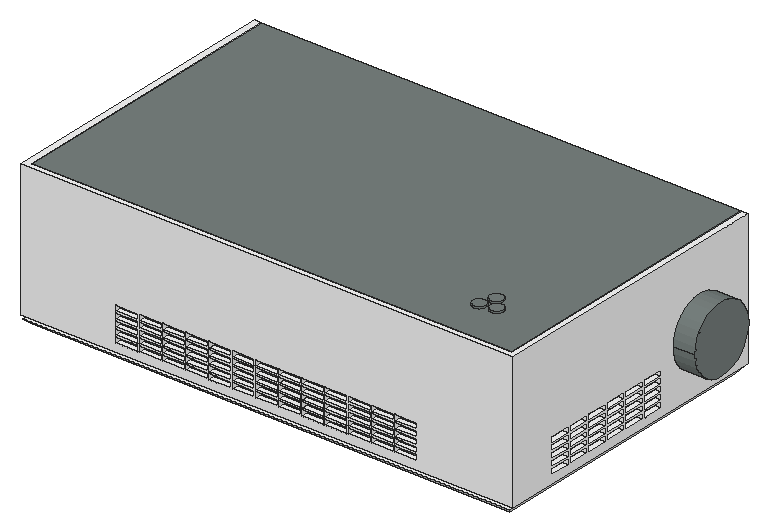
Revit family "AM 300 SHBB", category Mechanical Equipment, Revit 2019
Family settings
  Round Connector Dimension = Use Diameter
  Part Type = Normal
  OmniClass Number = 23.75.00.00
  OmniClass Title = Climate Control (HVAC)
  Work Plane-Based = No
  Always vertical = Yes
  Cut with Voids When Loaded = No
  Shared = No
  Room Calculation Point = No
Parameters
  publication date = "01.05.2023"
  Weight (Standard Unit) = 85  # constant formula
  Water Heating [instance] = yes
  Water Heater Surface Return = 15 mm  # constant formula
  Water Heater Surface IN = 15 mm  # constant formula
  Version number = "1.0"
  URL = "www.airmaster-as.com"
  Total Width = 1180 mm  # constant formula
  Total Hight = 344 mm  # constant formula
  T-C Duct Supply = 187 mm  # constant formula
  T-C Duct Exhaust = 187 mm  # constant formula
  Suply Air In = 160 mm  # constant formula
  R-C Duct Supply = 133 mm  # constant formula
  Phase 1 - Max Power Consumption = "1175 W"
  Phase 1 - Max Current = "7,97 A"
  Nominal current, electrical preheating surface = "4,35 A"
  Nominal current, electrical comfort heating surface = "2,17 A"
  Nominal current, air handling unit = "1,45 A"
  Network Conection = "AWG 24 CAT 5e STP"
  Model = "AM 300 SHBB"
  Max. flow rate 35 dB(A) with ePM10 80% filters = 240.00 m³  # constant formula
  Max. flow rate 35 dB(A) with ePM10 55% filters = 270.00 m³  # constant formula
  Max. flow rate 35 dB(A) with ePM10 50% filters = 275.00 m³  # constant formula
  Max. flow rate 30 dB(A) with ePM10 80% filters = 180.00 m³  # constant formula
  Max. flow rate 30 dB(A) with ePM10 55% filters = 205.00 m³  # constant formula
  Max. flow rate 30 dB(A) with ePM10 50% filters = 210.00 m³  # constant formula
  Manufacturer = "Airmaster A/S"
  Maintenance [instance] = no
  L-C Duct Exhaust = 133 mm  # constant formula
  Exhaust Air = 160 mm  # constant formula
  Total Depth = 703 mm  # constant formula
  Electrical connection = "1 ~ 230 V / N / PE / 50 Hz"
  Drawn By = "LSB"
  Data Sheet = "https://www.airmaster-as.com/media/4938/15583-am300-en-rev-04.pdf"
  Condensate = 6 mm  # constant formula
  BMS Panel = "(PTS) 2x2x0,6"
  BMS Out = "(PTS) 2x2x0,6"
  BMS IN = "(PTS) 2x2x0,6"
  Airlow area [instance] = no
Reference planes
  plane 1 "Center (Front/Back)": y = 0
  plane 2: z = 0
  plane 3 "Center (Left/Right)": x = 0
  plane 4 "Center L/S": y = -703
  plane 5 "Center L/T": x = -590
  plane 6 "Center L/U": x = 590
  plane 7 "TOP": z = 344
  plane 8 "Center L/V": x = -575
  plane 9 "Center L/W": y = -688
  plane 10 "Center L/X": x = 575
  plane 11 "Panel Buttom": z = 20.747
  plane 12 "Panel Top": z = 330.347
  plane 13 "Hatch": z = 14.5
Forms (mm)
  Extrusion 1, solid, material "AM Grey"
    sketch origin (0, 0, 0) x (1, 0, 0) y (0, 1, 0)
      loop
        line (-575, 0) -> (-575, -688) -> (575, -688) -> (575, 0) -> (-575, 0)
    from 14.5 to 344
  Extrusion 2, solid, material "AM White"
    sketch origin (794.5, -1524, 20.747) x (0, -1, 0) y (-1, 0, 0)
      loop
        line (-1524, 1384.5) -> (-1524, 1369.5) -> (-836, 1369.5) -> (-836, 219.5) -> (-1524, 219.5) -> (-1524, 204.5) -> (-821, 204.5) -> (-821, 1384.5) -> (-1524, 1384.5)
    from 0 to -323.253
  Blend 3, solid, material "AM White"
    base sketch origin (-790.646, -1524, 14.5) x (0, -1, 0) y (1, 0, 0)
      loop
        line (-821, 207.613) -> (-821, 1373.657) -> (-1524, 1373.657) -> (-1524, 207.613) -> (-821, 207.613)
    top sketch origin (-790.646, -1524, 14.5) x (0, -1, 0) y (1, 0, 0)
      loop
        line (-836, 218.963) -> (-836, 1362.646) -> (-1509.161, 1362.646) -> (-1509.161, 218.963) -> (-836, 218.963)
    from 0 to -14.5
  Extrusion 4, solid, material "AM Grey"
    sketch origin (-575, 0, 0) x (1, 0, 0) y (0, 0, -1)
      loop
        circle (118, -157) r 80
    from 0 to 18.45
  Extrusion 5, solid, material "Maintenece", visible <- "Maintenance"
    sketch origin (-790.646, -1524, 0) x (1, 0, 0) y (0, -1, 0)
      loop
        line (200.646, -1524) -> (1380.646, -1524) -> (1380.646, -821) -> (200.646, -821) -> (200.646, -1524)
    from 0 to 1200
  Extrusion 6, solid, material "Maintenece", visible <- "Airlow area"
    sketch origin (590, 0, 24.45) x (0, -1, 0) y (0, 0, -1)
      loop
        line (0, -98.297) -> (703, -98.297) -> (703, 21) -> (0, 21) -> (0, -98.297)
    from 0 to 500
  Extrusion 7, solid, material "AM Grey"
    sketch origin (0, 0, 344) x (1, 0, 0) y (0, 1, 0)
      loop
        circle (428.027, -549.273) r 15.55
    from 0 to 3
  Extrusion 8, solid, material "AM Grey"
    sketch origin (0, 0, 344) x (1, 0, 0) y (0, 1, 0)
      loop
        circle (452.132, -578.023) r 15.55
    from 0 to 3
  Extrusion 9, solid, material "AM Grey"
    sketch origin (0, 0, 344) x (1, 0, 0) y (0, 1, 0)
      loop
        circle (415.201, -584.535) r 15.55
    from 0 to 3
  Extrusion 10, void
    sketch origin (590, -703, 24.45) x (1, 0, 0) y (0, 0, -1)
      loop
        line (-950, -98.297) -> (-897.385, -98.297) -> (-897.385, -84.297) -> (-950, -84.297) -> (-950, -98.297)
      loop
        line (-950, -81.297) -> (-897.385, -81.297) -> (-897.385, -67.297) -> (-950, -67.297) -> (-950, -81.297)
      loop
        line (-950, -64.297) -> (-897.385, -64.297) -> (-897.385, -50.297) -> (-950, -50.297) -> (-950, -64.297)
      loop
        line (-950, -47.297) -> (-897.385, -47.297) -> (-897.385, -33.297) -> (-950, -33.297) -> (-950, -47.297)
      loop
        line (-950, -30.297) -> (-897.385, -30.297) -> (-897.385, -16.297) -> (-950, -16.297) -> (-950, -30.297)
      loop
        line (-894.385, -98.297) -> (-841.769, -98.297) -> (-841.769, -84.297) -> (-894.385, -84.297) -> (-894.385, -98.297)
      loop
        line (-894.385, -81.297) -> (-841.769, -81.297) -> (-841.769, -67.297) -> (-894.385, -67.297) -> (-894.385, -81.297)
      loop
        line (-894.385, -64.297) -> (-841.769, -64.297) -> (-841.769, -50.297) -> (-894.385, -50.297) -> (-894.385, -64.297)
      loop
        line (-894.385, -47.297) -> (-841.769, -47.297) -> (-841.769, -33.297) -> (-894.385, -33.297) -> (-894.385, -47.297)
      loop
        line (-894.385, -30.297) -> (-841.769, -30.297) -> (-841.769, -16.297) -> (-894.385, -16.297) -> (-894.385, -30.297)
      loop
        line (-838.769, -98.297) -> (-786.154, -98.297) -> (-786.154, -84.297) -> (-838.769, -84.297) -> (-838.769, -98.297)
      loop
        line (-838.769, -81.297) -> (-786.154, -81.297) -> (-786.154, -67.297) -> (-838.769, -67.297) -> (-838.769, -81.297)
      loop
        line (-838.769, -64.297) -> (-786.154, -64.297) -> (-786.154, -50.297) -> (-838.769, -50.297) -> (-838.769, -64.297)
      loop
        line (-838.769, -47.297) -> (-786.154, -47.297) -> (-786.154, -33.297) -> (-838.769, -33.297) -> (-838.769, -47.297)
      loop
        line (-838.769, -30.297) -> (-786.154, -30.297) -> (-786.154, -16.297) -> (-838.769, -16.297) -> (-838.769, -30.297)
      loop
        line (-783.154, -98.297) -> (-730.538, -98.297) -> (-730.538, -84.297) -> (-783.154, -84.297) -> (-783.154, -98.297)
      loop
        line (-783.154, -81.297) -> (-730.538, -81.297) -> (-730.538, -67.297) -> (-783.154, -67.297) -> (-783.154, -81.297)
      loop
        line (-783.154, -64.297) -> (-730.538, -64.297) -> (-730.538, -50.297) -> (-783.154, -50.297) -> (-783.154, -64.297)
      loop
        line (-783.154, -47.297) -> (-730.538, -47.297) -> (-730.538, -33.297) -> (-783.154, -33.297) -> (-783.154, -47.297)
      loop
        line (-783.154, -30.297) -> (-730.538, -30.297) -> (-730.538, -16.297) -> (-783.154, -16.297) -> (-783.154, -30.297)
      loop
        line (-727.538, -98.297) -> (-674.923, -98.297) -> (-674.923, -84.297) -> (-727.538, -84.297) -> (-727.538, -98.297)
      loop
        line (-727.538, -81.297) -> (-674.923, -81.297) -> (-674.923, -67.297) -> (-727.538, -67.297) -> (-727.538, -81.297)
      loop
        line (-727.538, -64.297) -> (-674.923, -64.297) -> (-674.923, -50.297) -> (-727.538, -50.297) -> (-727.538, -64.297)
      loop
        line (-727.538, -47.297) -> (-674.923, -47.297) -> (-674.923, -33.297) -> (-727.538, -33.297) -> (-727.538, -47.297)
      loop
        line (-727.538, -30.297) -> (-674.923, -30.297) -> (-674.923, -16.297) -> (-727.538, -16.297) -> (-727.538, -30.297)
      loop
        line (-671.923, -98.297) -> (-619.308, -98.297) -> (-619.308, -84.297) -> (-671.923, -84.297) -> (-671.923, -98.297)
      loop
        line (-671.923, -81.297) -> (-619.308, -81.297) -> (-619.308, -67.297) -> (-671.923, -67.297) -> (-671.923, -81.297)
      loop
        line (-671.923, -64.297) -> (-619.308, -64.297) -> (-619.308, -50.297) -> (-671.923, -50.297) -> (-671.923, -64.297)
      loop
        line (-671.923, -47.297) -> (-619.308, -47.297) -> (-619.308, -33.297) -> (-671.923, -33.297) -> (-671.923, -47.297)
      loop
        line (-671.923, -30.297) -> (-619.308, -30.297) -> (-619.308, -16.297) -> (-671.923, -16.297) -> (-671.923, -30.297)
      loop
        line (-616.308, -98.297) -> (-563.692, -98.297) -> (-563.692, -84.297) -> (-616.308, -84.297) -> (-616.308, -98.297)
      loop
        line (-616.308, -81.297) -> (-563.692, -81.297) -> (-563.692, -67.297) -> (-616.308, -67.297) -> (-616.308, -81.297)
      loop
        line (-616.308, -64.297) -> (-563.692, -64.297) -> (-563.692, -50.297) -> (-616.308, -50.297) -> (-616.308, -64.297)
      loop
        line (-616.308, -47.297) -> (-563.692, -47.297) -> (-563.692, -33.297) -> (-616.308, -33.297) -> (-616.308, -47.297)
      loop
        line (-616.308, -30.297) -> (-563.692, -30.297) -> (-563.692, -16.297) -> (-616.308, -16.297) -> (-616.308, -30.297)
      loop
        line (-560.692, -98.297) -> (-508.077, -98.297) -> (-508.077, -84.297) -> (-560.692, -84.297) -> (-560.692, -98.297)
      loop
        line (-560.692, -81.297) -> (-508.077, -81.297) -> (-508.077, -67.297) -> (-560.692, -67.297) -> (-560.692, -81.297)
      loop
        line (-560.692, -64.297) -> (-508.077, -64.297) -> (-508.077, -50.297) -> (-560.692, -50.297) -> (-560.692, -64.297)
      loop
        line (-560.692, -47.297) -> (-508.077, -47.297) -> (-508.077, -33.297) -> (-560.692, -33.297) -> (-560.692, -47.297)
      loop
        line (-560.692, -30.297) -> (-508.077, -30.297) -> (-508.077, -16.297) -> (-560.692, -16.297) -> (-560.692, -30.297)
      loop
        line (-505.077, -98.297) -> (-452.462, -98.297) -> (-452.462, -84.297) -> (-505.077, -84.297) -> (-505.077, -98.297)
      loop
        line (-505.077, -81.297) -> (-452.462, -81.297) -> (-452.462, -67.297) -> (-505.077, -67.297) -> (-505.077, -81.297)
      loop
        line (-505.077, -64.297) -> (-452.462, -64.297) -> (-452.462, -50.297) -> (-505.077, -50.297) -> (-505.077, -64.297)
      loop
        line (-505.077, -47.297) -> (-452.462, -47.297) -> (-452.462, -33.297) -> (-505.077, -33.297) -> (-505.077, -47.297)
      loop
        line (-505.077, -30.297) -> (-452.462, -30.297) -> (-452.462, -16.297) -> (-505.077, -16.297) -> (-505.077, -30.297)
      loop
        line (-449.462, -98.297) -> (-396.846, -98.297) -> (-396.846, -84.297) -> (-449.462, -84.297) -> (-449.462, -98.297)
      loop
        line (-449.462, -81.297) -> (-396.846, -81.297) -> (-396.846, -67.297) -> (-449.462, -67.297) -> (-449.462, -81.297)
      loop
        line (-449.462, -64.297) -> (-396.846, -64.297) -> (-396.846, -50.297) -> (-449.462, -50.297) -> (-449.462, -64.297)
      loop
        line (-449.462, -47.297) -> (-396.846, -47.297) -> (-396.846, -33.297) -> (-449.462, -33.297) -> (-449.462, -47.297)
      loop
        line (-449.462, -30.297) -> (-396.846, -30.297) -> (-396.846, -16.297) -> (-449.462, -16.297) -> (-449.462, -30.297)
      loop
        line (-393.846, -98.297) -> (-341.231, -98.297) -> (-341.231, -84.297) -> (-393.846, -84.297) -> (-393.846, -98.297)
      loop
        line (-393.846, -81.297) -> (-341.231, -81.297) -> (-341.231, -67.297) -> (-393.846, -67.297) -> (-393.846, -81.297)
      loop
        line (-393.846, -64.297) -> (-341.231, -64.297) -> (-341.231, -50.297) -> (-393.846, -50.297) -> (-393.846, -64.297)
      loop
        line (-393.846, -47.297) -> (-341.231, -47.297) -> (-341.231, -33.297) -> (-393.846, -33.297) -> (-393.846, -47.297)
      loop
        line (-393.846, -30.297) -> (-341.231, -30.297) -> (-341.231, -16.297) -> (-393.846, -16.297) -> (-393.846, -30.297)
      loop
        line (-338.231, -98.297) -> (-285.615, -98.297) -> (-285.615, -84.297) -> (-338.231, -84.297) -> (-338.231, -98.297)
      loop
        line (-338.231, -81.297) -> (-285.615, -81.297) -> (-285.615, -67.297) -> (-338.231, -67.297) -> (-338.231, -81.297)
      loop
        line (-338.231, -64.297) -> (-285.615, -64.297) -> (-285.615, -50.297) -> (-338.231, -50.297) -> (-338.231, -64.297)
      loop
        line (-338.231, -47.297) -> (-285.615, -47.297) -> (-285.615, -33.297) -> (-338.231, -33.297) -> (-338.231, -47.297)
      loop
        line (-338.231, -30.297) -> (-285.615, -30.297) -> (-285.615, -16.297) -> (-338.231, -16.297) -> (-338.231, -30.297)
      loop
        line (-282.615, -98.297) -> (-230, -98.297) -> (-230, -84.297) -> (-282.615, -84.297) -> (-282.615, -98.297)
      loop
        line (-282.615, -81.297) -> (-230, -81.297) -> (-230, -67.297) -> (-282.615, -67.297) -> (-282.615, -81.297)
      loop
        line (-282.615, -64.297) -> (-230, -64.297) -> (-230, -50.297) -> (-282.615, -50.297) -> (-282.615, -64.297)
      loop
        line (-282.615, -47.297) -> (-230, -47.297) -> (-230, -33.297) -> (-282.615, -33.297) -> (-282.615, -47.297)
      loop
        line (-282.615, -30.297) -> (-230, -30.297) -> (-230, -16.297) -> (-282.615, -16.297) -> (-282.615, -30.297)
    from 0 to 15
  Extrusion 11, void
    sketch origin (590, 0, 25.035) x (0, 1, 0) y (0, 0, -1)
      loop
        line (-588.9, -97.712) -> (-536.417, -97.712) -> (-536.417, -83.712) -> (-588.9, -83.712) -> (-588.9, -97.712)
      loop
        line (-588.9, -80.712) -> (-536.417, -80.712) -> (-536.417, -66.712) -> (-588.9, -66.712) -> (-588.9, -80.712)
      loop
        line (-588.9, -63.712) -> (-536.417, -63.712) -> (-536.417, -49.712) -> (-588.9, -49.712) -> (-588.9, -63.712)
      loop
        line (-588.9, -46.712) -> (-536.417, -46.712) -> (-536.417, -32.712) -> (-588.9, -32.712) -> (-588.9, -46.712)
      loop
        line (-588.9, -29.712) -> (-536.417, -29.712) -> (-536.417, -15.712) -> (-588.9, -15.712) -> (-588.9, -29.712)
      loop
        line (-533.417, -97.712) -> (-480.933, -97.712) -> (-480.933, -83.712) -> (-533.417, -83.712) -> (-533.417, -97.712)
      loop
        line (-533.417, -80.712) -> (-480.933, -80.712) -> (-480.933, -66.712) -> (-533.417, -66.712) -> (-533.417, -80.712)
      loop
        line (-533.417, -63.712) -> (-480.933, -63.712) -> (-480.933, -49.712) -> (-533.417, -49.712) -> (-533.417, -63.712)
      loop
        line (-533.417, -46.712) -> (-480.933, -46.712) -> (-480.933, -32.712) -> (-533.417, -32.712) -> (-533.417, -46.712)
      loop
        line (-533.417, -29.712) -> (-480.933, -29.712) -> (-480.933, -15.712) -> (-533.417, -15.712) -> (-533.417, -29.712)
      loop
        line (-477.933, -97.712) -> (-425.45, -97.712) -> (-425.45, -83.712) -> (-477.933, -83.712) -> (-477.933, -97.712)
      loop
        line (-477.933, -80.712) -> (-425.45, -80.712) -> (-425.45, -66.712) -> (-477.933, -66.712) -> (-477.933, -80.712)
      loop
        line (-477.933, -63.712) -> (-425.45, -63.712) -> (-425.45, -49.712) -> (-477.933, -49.712) -> (-477.933, -63.712)
      loop
        line (-477.933, -46.712) -> (-425.45, -46.712) -> (-425.45, -32.712) -> (-477.933, -32.712) -> (-477.933, -46.712)
      loop
        line (-477.933, -29.712) -> (-425.45, -29.712) -> (-425.45, -15.712) -> (-477.933, -15.712) -> (-477.933, -29.712)
      loop
        line (-422.45, -97.712) -> (-369.967, -97.712) -> (-369.967, -83.712) -> (-422.45, -83.712) -> (-422.45, -97.712)
      loop
        line (-422.45, -80.712) -> (-369.967, -80.712) -> (-369.967, -66.712) -> (-422.45, -66.712) -> (-422.45, -80.712)
      loop
        line (-422.45, -63.712) -> (-369.967, -63.712) -> (-369.967, -49.712) -> (-422.45, -49.712) -> (-422.45, -63.712)
      loop
        line (-422.45, -46.712) -> (-369.967, -46.712) -> (-369.967, -32.712) -> (-422.45, -32.712) -> (-422.45, -46.712)
      loop
        line (-422.45, -29.712) -> (-369.967, -29.712) -> (-369.967, -15.712) -> (-422.45, -15.712) -> (-422.45, -29.712)
      loop
        line (-366.967, -97.712) -> (-314.483, -97.712) -> (-314.483, -83.712) -> (-366.967, -83.712) -> (-366.967, -97.712)
      loop
        line (-366.967, -80.712) -> (-314.483, -80.712) -> (-314.483, -66.712) -> (-366.967, -66.712) -> (-366.967, -80.712)
      loop
        line (-366.967, -63.712) -> (-314.483, -63.712) -> (-314.483, -49.712) -> (-366.967, -49.712) -> (-366.967, -63.712)
      loop
        line (-366.967, -46.712) -> (-314.483, -46.712) -> (-314.483, -32.712) -> (-366.967, -32.712) -> (-366.967, -46.712)
      loop
        line (-366.967, -29.712) -> (-314.483, -29.712) -> (-314.483, -15.712) -> (-366.967, -15.712) -> (-366.967, -29.712)
      loop
        line (-311.483, -97.712) -> (-259, -97.712) -> (-259, -83.712) -> (-311.483, -83.712) -> (-311.483, -97.712)
      loop
        line (-311.483, -80.712) -> (-259, -80.712) -> (-259, -66.712) -> (-311.483, -66.712) -> (-311.483, -80.712)
      loop
        line (-311.483, -63.712) -> (-259, -63.712) -> (-259, -49.712) -> (-311.483, -49.712) -> (-311.483, -63.712)
      loop
        line (-311.483, -46.712) -> (-259, -46.712) -> (-259, -32.712) -> (-311.483, -32.712) -> (-311.483, -46.712)
      loop
        line (-311.483, -29.712) -> (-259, -29.712) -> (-259, -15.712) -> (-311.483, -15.712) -> (-311.483, -29.712)
    from 0 to 15
  Extrusion 12, solid, material "AM Grey", visible <- "Water Heating"
    sketch origin (-575, -688, 0) x (0, 1, 0) y (0, 0, -1)
      loop
        circle (325.216, -242.139) r 15.55
    from 0 to 36
  Extrusion 13, solid, material "AM Grey", visible <- "Water Heating"
    sketch origin (-575, -836.92, 39.903) x (0, 1, 0) y (0, 0, -1)
      loop
        circle (325.216, -242.139) r 15.55
    from 0 to 36
  Extrusion 14, solid, material "AM Grey"
    sketch origin (590, 0, 20.747) x (0, -1, 0) y (0, 0, -1)
      loop
        circle (145, -136.253) r 80
    from 0 to 54
Cuts and joins
  Extrusion 10, Extrusion 11 cuts Extrusion 1
  Extrusion 10, Extrusion 11 cuts Extrusion 2
  Extrusion 11 cuts Extrusion 6
Dimensions and locks
  "Total Depth": plane 4 "Center L/S" to plane 1 "Center (Front/Back)"
  equal spacing: plane 5 "Center L/T", plane 3 "Center (Left/Right)", plane 6 "Center L/U"
  "Total Width": plane 5 "Center L/T" to plane 6 "Center L/U"
  "Total Hight": plane 7 "TOP" to level
  locked: plane 10 "Center L/X" to plane 6 "Center L/U" at 15
  locked: plane 4 "Center L/S" to plane 9 "Center L/W" at 15
  locked: plane 5 "Center L/T" to plane 8 "Center L/V" at 15
  Extrusion 1 to Blend 3 sketch curve = 14.839 mm
  plane 7 "TOP" to Extrusion 14 sketch curve = 187 mm
  Extrusion 14 sketch curve to cut or joined group of Extrusion 6, Extrusion 11 = 145 mm
  Extrusion 4 sketch curve to plane 5 "Center L/T" = 133 mm
  aligned and locked: level to plane 2
  aligned and locked: plane 1 "Center (Front/Back)" to Extrusion 1 sketch curve
  aligned and locked: plane 8 "Center L/V" to Extrusion 1 sketch curve
  aligned and locked: Extrusion 1 sketch curve to plane 9 "Center L/W"
  aligned and locked: Extrusion 1 sketch curve to plane 10 "Center L/X"
  aligned and locked: plane 7 "TOP" to Extrusion 1
  aligned and locked: plane 5 "Center L/T" to Extrusion 2 sketch curve
  aligned and locked: plane 4 "Center L/S" to Extrusion 2 sketch curve
  aligned and locked: plane 6 "Center L/U" to Extrusion 2 sketch curve
  aligned and locked: Extrusion 2 sketch curve to Extrusion 1  (x3)
  aligned and locked: plane 1 "Center (Front/Back)" to Extrusion 2 sketch curve
  aligned and locked: Blend 3 to plane 2
  aligned and locked: plane 13 "Hatch" to Extrusion 1
Automatic sketch dimensions
  plane 1 "Center (Front/Back)" to Extrusion 2 sketch curve = 0 mm
  plane 1 "Center (Front/Back)" to Blend 3 sketch curve = 0 mm
  plane 4 "Center L/S" to Blend 3 sketch curve = 0 mm
  plane 5 "Center L/T" to Blend 3 sketch curve = 6.967 mm
  Blend 3 sketch curve to plane 6 "Center L/U" = 6.989 mm
  plane 9 "Center L/W" to Blend 3 sketch curve = 0 mm
  plane 8 "Center L/V" to Blend 3 sketch curve = 3.316 mm
  Blend 3 sketch curve to plane 10 "Center L/X" = 3 mm
  Extrusion 5 sketch curve to Blend 3 = 18.316 mm
  Extrusion 5 sketch curve to Blend 3 = 18 mm
  Extrusion 5 sketch curve to Blend 3 = 15 mm
  Extrusion 5 sketch curve to Blend 3 = 14.839 mm
  Extrusion 6 sketch curve to plane 1 "Center (Front/Back)" = 0 mm
  Extrusion 6 sketch curve to plane 4 "Center L/S" = 0 mm
  Extrusion 6 sketch curve to plane 11 "Panel Buttom" = 102 mm
  level to Extrusion 6 sketch curve = 3.45 mm
  Extrusion 7 sketch curve to Extrusion 1 = 146.973 mm
  Extrusion 7 sketch curve to Extrusion 1 = 138.727 mm
  Extrusion 8 sketch curve to Extrusion 1 = 122.868 mm
  Extrusion 8 sketch curve to Extrusion 1 = 109.977 mm
  Extrusion 9 sketch curve to Extrusion 1 = 159.799 mm
  Extrusion 9 sketch curve to Extrusion 1 = 103.465 mm
  Extrusion 10 sketch curve to Extrusion 2 = 102 mm  (x2)
  Extrusion 10 sketch curve to Extrusion 2 = 230 mm
  Extrusion 10 sketch curve to Extrusion 2 = 20 mm
  Extrusion 10 sketch curve to Extrusion 10 sketch curve = 0 mm  (x115)
  Extrusion 10 sketch curve to Extrusion 10 sketch curve = 52.615 mm  (x13)
  Extrusion 10 sketch curve to Extrusion 10 sketch curve = 3 mm  (x88)
  Extrusion 10 sketch curve to Extrusion 10 sketch curve = 14 mm  (x40)
  Extrusion 2 to Extrusion 11 sketch curve = 114.1 mm
  Extrusion 11 sketch curve to Extrusion 11 sketch curve = 0 mm  (x59)
  Extrusion 11 sketch curve to Extrusion 11 sketch curve = 52.483 mm  (x6)
  Extrusion 11 sketch curve to Extrusion 11 sketch curve = 3 mm  (x38)
  Extrusion 11 sketch curve to Extrusion 2 = 102 mm  (x2)
  Extrusion 11 sketch curve to Extrusion 11 sketch curve = 14 mm  (x14)
  Extrusion 1 to Extrusion 12 sketch curve = 101.861 mm
  Extrusion 12 sketch curve to Extrusion 1 = 325.216 mm
  Extrusion 1 to Extrusion 13 sketch curve = 61.958 mm
  Extrusion 13 sketch curve to Extrusion 1 = 176.296 mm
  Extrusion 1 to Extrusion 4 sketch curve = 142.5 mm
  radius of Extrusion 7 sketch curve = 15.55 mm
  radius of Extrusion 8 sketch curve = 15.55 mm
  radius of Extrusion 9 sketch curve = 15.55 mm
  radius of Extrusion 12 sketch curve = 15.55 mm
  radius of Extrusion 13 sketch curve = 15.55 mm
  radius of Extrusion 14 sketch curve = 80 mm
  radius of Extrusion 4 sketch curve = 80 mm
Nested families
  nested 1: "Model Label 2019" at (0, -361.924, 0), Label <- "Model", type "Model Label 2019"
    with Label "AM 300 SHBB"
  nested 2: "Pil Indtag" at (1100, -364, 0) x (-1, 0, 0) z (0, 0, 1), type "Pil Indtag"
    with dX_ 609 mm, dX 609 mm, ang2D 0.00°
  nested 3: "indblæssymbol" at (0, -803, 0) x (0, -1, 0) z (0, 0, 1), type "indblæssymbol"
    with dX_ 609 mm, dX 609 mm, ang2D 0.00°
Connectors
  electrical at (428.027, -549.273, 344)
    settings: on Extrusion 7, index 13, voltage 230 V, apparent load 0 VA, apparent load phase1 0 VA, apparent load phase2 0 VA, apparent load phase3 0 VA, power factor 0.55, load classification "Other", number of poles 1, system type 30, power factor state 1, is connector primary yes, connector utility no, sub classification motor no, connector description ""
  electrical at (452.132, -578.023, 344), driven by "BMS Out"
    settings: on Extrusion 8, index 14, voltage 0 V, apparent load 0 VA, apparent load phase1 0 VA, apparent load phase2 0 VA, apparent load phase3 0 VA, power factor 1, load classification "Other", number of poles 1, system type 5, power factor state 1, is connector primary no, connector utility no, sub classification motor no, connector description "(PTS) 2x2x0,6"
  electrical at (415.201, -584.535, 344), driven by "BMS IN"
    settings: on Extrusion 9, index 15, voltage 0 V, apparent load 0 VA, apparent load phase1 0 VA, apparent load phase2 0 VA, apparent load phase3 0 VA, power factor 1, load classification "Other", number of poles 1, system type 5, power factor state 1, is connector primary no, connector utility no, sub classification motor no, connector description "(PTS) 2x2x0,6"
  piping at (-611, -362.784, 242.139), diameter 15, driven by "Water Heater Surface IN"
    settings: on Extrusion 12, index 16, connector inside diameter 609.6 mm, connector length 0 mm, flow factor 0, pipe flow 0.0 L/s, pressure drop 0.0 Pa, fitting loss kfactor 0, connector angle 0.00°, fixture units 0, engagement length 0 mm, angle of deflection 0.00°, flow configuration 0, flow direction 1, fitting loss method 0, system type 19, joint type 0, gender type 0, connector reference index -1, connector utility 0, adjustable connector no, is connector primary yes, connector description ""
  piping at (-611, -511.704, 282.042), diameter 15, driven by "Water Heater Surface IN"
    settings: on Extrusion 13, index 17, connector inside diameter 609.6 mm, connector length 0 mm, flow factor 0, pipe flow 0.0 L/s, pressure drop 0.0 Pa, fitting loss kfactor 0, connector angle 0.00°, fixture units 0, engagement length 0 mm, angle of deflection 0.00°, flow configuration 0, flow direction 2, fitting loss method 0, system type 19, joint type 0, gender type 0, connector reference index -1, connector utility 0, adjustable connector no, is connector primary no, connector description ""
  hvac at (-457, 0, 157), driven by "Suply Air In"
    settings: on Extrusion 4, index 19, duct flow 0.0 L/s, flow factor 0, pres drop 0.0 Pa, loss coef 0, conn angle 0.00°, conn width 304.8 mm, conn height 304.8 mm, conn diameter 160 mm, duct sys type 1, conn prof type 0, flow config 0, flow direction 1, loss method 0, conn ref index -1, conn util no, is conn primary yes, conn desc ""
  hvac at (590, -145, 157), driven by "Suply Air In"
    settings: on Extrusion 14, index 20, duct flow 0.0 L/s, flow factor 0, pres drop 0.0 Pa, loss coef 0, conn angle 0.00°, conn width 304.8 mm, conn height 304.8 mm, conn diameter 160 mm, duct sys type 3, conn prof type 0, flow config 0, flow direction 1, loss method 0, conn ref index -1, conn util no, is conn primary no, conn desc ""
Definition of nested family "Model Label 2019"
  Parameters (values of type "Model Label 2019")
    Label [instance] = ""
  Reference planes
    plane 1: y = 0
    plane 2: x = 0
  Text (mm)
    label "Label" at (-0.131, 0.049, 0), shows "Label"
Definition of nested family "Pil Indtag"
  Parameters (values of type "Pil Indtag")
    dX_ [instance] = if(dX = 0 mm, 1 mm, dX)  # 609 mm
    dX [instance] = 609 mm
    ang2D [instance] = 0.00°
    Type Comments = "DO NOT CHANGE dX value from 608 mm ( 2 ft )"
    Afstand pil = 50 mm
  Reference planes
    plane 1 "Center (Front/Back)": y = 0
    plane 2: z = 0
    plane 3 "Center (Left/Right)": x = 0
    plane 4: x = 500
  Lines and regions (mm)
    Filled region 1, type "Concrete", in view "Ref. Level"
      outline origin (0, 0, 0) x (1, 0, 0) y (0, 1, 0)
        loop
          line (499.552, 0) -> (401.072, 17.365) -> (401.072, -17.365) -> (499.552, 0)
    reference lines, in view "Ref. Level"
      curve 1: line (50, 134.129, 0) -> (50, -145.871, 0)
    detail lines, in view "Ref. Level", not visible
      curve 2: arc (335, 0, 0) -> (385.559, -50.321, 0) -> (434.999, 1.101, 0) r 50.01
      curve 3: arc (335, 0, 0) -> (285.666, 52.633, 0) -> (235.069, 1.212, 0) r 50.01
      curve 4: line (434.999, 1.101, 0) -> (434.999, 21.156, 0)
      curve 5: line (235.069, 1.212, 0) -> (235.069, -18.844, 0)
    detail lines, in view "Ref. Level"
      curve 6: arc (225.332, 0, 0) -> (272.332, -35.211, 0) -> (294.114, 19.326, 0) r 36.995
      curve 7: arc (225.206, 0, 0) -> (173.868, 30.307, 0) -> (156.85, -26.829, 0) r 37.835
      curve 8: line (499.552, 0, 0) -> (401.072, 17.365, 0)
      curve 9: line (401.072, 17.365, 0) -> (401.072, -17.365, 0)
      curve 10: line (401.072, -17.365, 0) -> (499.552, 0, 0)
      curve 11: line (499.552, 0, 0) -> (-15.448, 0, 0)
  Dimensions and locks
    "Afstand pil": plane 3 "Center (Left/Right)" to curve 1
    plane 3 "Center (Left/Right)" to plane 4 = 500 mm
  Automatic sketch dimensions
    plane 1 "Center (Front/Back)" to Filled region 1 sketch curve = 0 mm
    Filled region 1 sketch curve to plane 4 = 0.448 mm
    plane 1 "Center (Front/Back)" to Filled region 1 sketch curve = 17.365 mm
    Filled region 1 sketch curve to plane 4 = 98.928 mm
    Filled region 1 sketch curve to plane 1 "Center (Front/Back)" = 17.365 mm
    plane 1 "Center (Front/Back)" to curve 11 = 0 mm
    plane 1 "Center (Front/Back)" to curve 7 = 4.913 mm
    plane 3 "Center (Left/Right)" to curve 7 = 187.691 mm
    curve 6 to plane 1 "Center (Front/Back)" = 0.405 mm
    curve 7 to curve 6 = 74.634 mm
    curve 9 to plane 1 "Center (Front/Back)" = 17.365 mm
    curve 9 to plane 4 = 98.928 mm
    curve 11 to plane 4 = 0.448 mm
    plane 1 "Center (Front/Back)" to curve 10 = 17.365 mm
    curve 7 to curve 7 = 30.842 mm
    curve 11 to plane 3 "Center (Left/Right)" = 15.448 mm
    curve 7 to curve 6 = 37.119 mm
    curve 7 to curve 6 = 0.126 mm
    curve 6 to plane 1 "Center (Front/Back)" = 19.326 mm
    plane 1 "Center (Front/Back)" to curve 1 = 145.871 mm
    curve 1 to plane 1 "Center (Front/Back)" = 134.129 mm
Definition of nested family "indblæssymbol"
  Parameters (values of type "indblæssymbol")
    dX_ [instance] = if(dX = 0 mm, 1 mm, dX)  # 609 mm
    dX [instance] = 609 mm
    ang2D [instance] = 0.00°
    Type Comments = "DO NOT CHANGE dX value from 608 mm ( 2 ft )"
    Afstand pil = 50 mm
  Reference planes
    plane 1 "Center (Front/Back)": y = 0
    plane 2: z = 0
    plane 3 "Center (Left/Right)": x = 0
  Lines and regions (mm)
    Filled region 1, type "Concrete", in view "Ref. Level"
      outline origin (50.005, 0, 0) x (1, 0, 0) y (0, 1, 0)
        loop
          line (399.995, 0.414) -> (301.442, 17.365) -> (301.588, -17.365) -> (399.995, 0.414)
    reference lines, in view "Ref. Level"
      curve 1: line (50, 134.129, 0) -> (50, -145.871, 0)
    detail lines, in view "Ref. Level"
      curve 2: line (351.52, 0, 0) -> (50, 0, 0)
  Dimensions and locks
    "Afstand pil": plane 3 "Center (Left/Right)" to curve 1
    curve 1 to Filled region 1 = 400 mm
  Automatic sketch dimensions
    Filled region 1 sketch curve to plane 1 "Center (Front/Back)" = 0.414 mm
    plane 3 "Center (Left/Right)" to Filled region 1 sketch curve = 450 mm
    plane 1 "Center (Front/Back)" to Filled region 1 sketch curve = 17.365 mm
    Filled region 1 sketch curve to Filled region 1 sketch curve = 98.407 mm
    Filled region 1 sketch curve to plane 1 "Center (Front/Back)" = 17.365 mm
    Filled region 1 sketch curve to Filled region 1 sketch curve = 0.146 mm
    plane 1 "Center (Front/Back)" to curve 2 = 0 mm
    plane 3 "Center (Left/Right)" to curve 2 = 50 mm
    curve 2 to curve 2 = 301.52 mm
    plane 1 "Center (Front/Back)" to curve 1 = 145.871 mm
    curve 1 to plane 1 "Center (Front/Back)" = 134.129 mm
